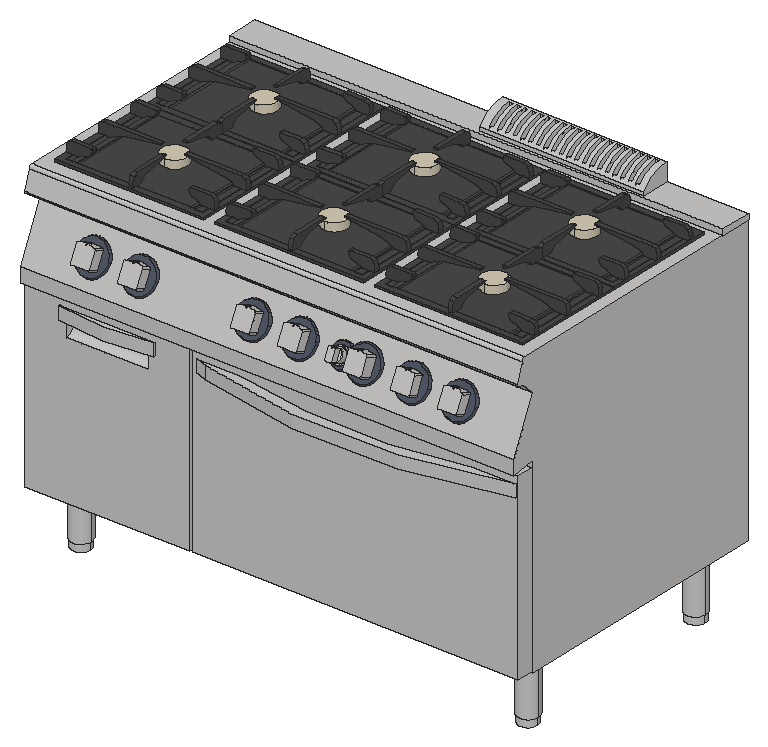
Revit family "QF_ZANUSSI_372151_Z7GCGL6C1A", category Specialty Equipment, Revit 2018
Family settings
  Round Connector Dimension = Use Diameter
  Part Type = Normal
  Work Plane-Based = No
  Always vertical = Yes
  Cut with Voids When Loaded = No
  Shared = No
  Room Calculation Point = No
Parameters (values of type "Standard")
  Weight = 120.00 kg
  Watts = 0 W
  Volts = 0 V
  URL Manufacturer = "http://www.zanussiprofessional.com"
  URL = "http://www.zanussiprofessional.com"
  Steam Supply Size = 0"
  Steam Supply Minimum Pressure = 0.00 psi
  Steam Supply Maximum Pressure = 0.00 psi
  Steam Pounds per Hour = 0
  Show Logo [instance] = yes
  Show Clearance [instance] = yes
  Refrigeration Suction Line Size = 0"
  Refrigeration Liquid Line Size = 0"
  Refrigerant Compressor Remote = yes
  Phase = 0
  Model = "Z7GCGL6C1A"
  Manufacturer = "Zanussi"
  Length Actual = 1200.00 mm  # constant formula
  Item Number = "372151"
  Hot Water Size = 0"
  Height Actual = 850.00 mm  # constant formula
  HP = "0 HP"
  Gas Size = 1/2"
  Gas KW = 39
  Gas Input Pressure = 1.3092 Btu/h
  Direct Waste Size = 0"
  Description = "6-BURN.GAS RANGE+GAS OVEN+CUPB.1200 (AGA)"
  Depth Actual = 700.00 mm  # constant formula
  Cycle = 0 Hz
  Condensate Return Size = 0"
  Compressed Air Volume = 0 GPM
  Compressed Air Size = 0"
  Compressed Air Pressure = 0.00 psi
  Cold Water Size = 0"
  Assembly Code = ""
  Accessory = yes
Reference planes
  plane 1 "BACK": y = 0
  plane 2: z = 0
  plane 3 "LEFT": x = 0
  plane 4 "RIGHT": x = 1200
  plane 5 "FRONT": y = -700
  plane 6 "TOP": z = 908
  plane 7 "Center Y": x = 600
  plane 8 "Center X": y = -350
  plane 9 "Base": z = 150
  plane 10: z = 850
  plane 11: y = -715
  plane 12: y = -1109
  plane 13 "panel": through (-6096, -654.982, 762.214) normal (0, -0.8956, 0.4448)
  plane 14: x = 177.499
Forms (mm)
  Revolve 1, solid, material "QF_Finishes_Stainless Steel"
    sketch origin (1, -90, 0) x (1, 0, 0) y (0, 0, 1)
      loop
        line (55, 0) -> (55, 150) -> (29.6, 150) -> (29.6, 19.05) -> (32.1, 19.05) -> (32.1, 0) -> (55, 0)
      axis (55, 0) -> (55, 150)
    angle from 0 to 360
  Revolve 2, solid, material "QF_Finishes_Stainless Steel"
    sketch origin (1, -599.588, 0) x (1, 0, 0) y (0, 0, 1)
      loop
        line (55, 0) -> (55, 150) -> (29.6, 150) -> (29.6, 19.05) -> (32.1, 19.05) -> (32.1, 0) -> (55, 0)
      axis (55, 0) -> (55, 150)
    angle from 0 to 360
  Revolve 3, solid, material "QF_Finishes_Stainless Steel"
    sketch origin (799, -90, 0) x (-1, 0, 0) y (0, 0, -1)
      loop
        line (-345, 0) -> (-367.9, 0) -> (-367.9, -19.05) -> (-370.4, -19.05) -> (-370.4, -150) -> (-345, -150) -> (-345, 0)
      axis (-345, 0) -> (-345, -150)
    angle from 0 to 360
  Revolve 4, solid, material "QF_Finishes_Stainless Steel"
    sketch origin (799, -599.588, 0) x (-1, 0, 0) y (0, 0, -1)
      loop
        line (-345, 0) -> (-367.9, 0) -> (-367.9, -19.05) -> (-370.4, -19.05) -> (-370.4, -150) -> (-345, -150) -> (-345, 0)
      axis (-345, 0) -> (-345, -150)
    angle from 0 to 360
  Extrusion 5, solid, material "QF_Finishes_Stainless Steel"
    sketch origin (0, 0, 576.213) x (0, 1, 0) y (0, 0, 1)
      loop
        line (0, 273.788) -> (-679.358, 273.788)
        arc (-679.358, 273.788) -> (-684.643, 271.598) -> (-686.833, 266.313) r 7.474
        line (-686.833, 266.313) -> (-699.884, 220.798)
        arc (-699.884, 220.798) -> (-699.396, 218.166) -> (-697, 216.971) r 3
        line (-697, 216.971) -> (-686.802, 216.971) -> (-654.982, 185.152) -> (-715, 64.296) -> (-715, 29.296) -> (-658.645, 37.216)
        arc (-658.645, 37.216) -> (-656.101, 36.462) -> (-655, 34.047) r 3.2
        line (-655, 34.047) -> (-655, -426.212) -> (0, -426.212) -> (0, 273.788)
      loop
        line (-700, 23.788) -> (-700, -421.212) -> (-660, -421.212) -> (-660, 23.788) -> (-700, 23.788)
    from 0 to 1200
  Extrusion 6, solid, material "QF_Finishes_Stainless Steel"
    sketch origin (0, 0, 576.213) x (0, 1, 0) y (0, 0, 1)
      loop
        line (0, 273.787) -> (0, 288.075) -> (-76.2, 288.075) -> (-76.2, 273.787) -> (0, 273.787)
    from 0 to 1200
  Extrusion 7, solid, material "QF_Finishes_Stainless Steel"
    sketch origin (0, 0, 150) x (-1, 0, 0) y (0, -1, 0)
      loop
        circle (-1147.613, 464) r 6.35
    from -8.815 to 7.722
  Extrusion 8, solid, material "QF_Finishes_Door Clearance", visible <- "Show Clearance", detail levels coarse
    sketch origin (0, 0, 0) x (0, 1, 0) y (0, 0, 1)
      loop
        arc (-700, 600) -> (-991.638, 457.589) -> (-1109, 155) r 445
        line (-1109, 155) -> (-700, 155) -> (-700, 600)
    from 0 to 400.5
  Extrusion 9, void
    sketch origin (-62.611, 0, 865.138) x (-1, 0, 0) y (0, -1, 0)
      loop
        line (-695.005, 6.761) -> (-685.709, 6.761) -> (-685.709, 63.911) -> (-695.005, 63.911) -> (-695.005, 6.761)
      loop
        line (-713.697, 6.761) -> (-704.401, 6.761) -> (-704.401, 63.911) -> (-713.697, 63.911) -> (-713.697, 6.761)
      loop
        line (-732.39, 6.761) -> (-723.094, 6.761) -> (-723.094, 63.911) -> (-732.39, 63.911) -> (-732.39, 6.761)
      loop
        line (-751.082, 6.761) -> (-741.787, 6.761) -> (-741.787, 63.911) -> (-751.082, 63.911) -> (-751.082, 6.761)
      loop
        line (-769.775, 6.761) -> (-760.479, 6.761) -> (-760.479, 63.911) -> (-769.775, 63.911) -> (-769.775, 6.761)
      loop
        line (-788.468, 6.761) -> (-779.172, 6.761) -> (-779.172, 63.911) -> (-788.468, 63.911) -> (-788.468, 6.761)
      loop
        line (-807.16, 6.761) -> (-797.864, 6.761) -> (-797.864, 63.911) -> (-807.16, 63.911) -> (-807.16, 6.761)
      loop
        line (-825.853, 6.761) -> (-816.557, 6.761) -> (-816.557, 63.911) -> (-825.853, 63.911) -> (-825.853, 6.761)
      loop
        line (-844.545, 6.761) -> (-835.25, 6.761) -> (-835.25, 63.911) -> (-844.545, 63.911) -> (-844.545, 6.761)
      loop
        line (-863.238, 6.761) -> (-853.942, 6.761) -> (-853.942, 63.911) -> (-863.238, 63.911) -> (-863.238, 6.761)
      loop
        line (-881.931, 6.761) -> (-872.635, 6.761) -> (-872.635, 63.911) -> (-881.931, 63.911) -> (-881.931, 6.761)
      loop
        line (-900.623, 6.761) -> (-891.328, 6.761) -> (-891.328, 63.911) -> (-900.623, 63.911) -> (-900.623, 6.761)
      loop
        line (-919.316, 6.761) -> (-910.02, 6.761) -> (-910.02, 63.911) -> (-919.316, 63.911) -> (-919.316, 6.761)
      loop
        line (-938.008, 6.761) -> (-928.713, 6.761) -> (-928.713, 63.911) -> (-938.008, 63.911) -> (-938.008, 6.761)
      loop
        line (-956.701, 6.761) -> (-947.405, 6.761) -> (-947.405, 63.911) -> (-956.701, 63.911) -> (-956.701, 6.761)
      loop
        line (-975.394, 6.761) -> (-966.098, 6.761) -> (-966.098, 63.911) -> (-975.394, 63.911) -> (-975.394, 6.761)
      loop
        line (-994.086, 6.761) -> (-984.791, 6.761) -> (-984.791, 63.911) -> (-994.086, 63.911) -> (-994.086, 6.761)
      loop
        line (-1012.779, 6.761) -> (-1003.483, 6.761) -> (-1003.483, 63.911) -> (-1012.779, 63.911) -> (-1012.779, 6.761)
      loop
        line (-1031.472, 6.761) -> (-1022.176, 6.761) -> (-1022.176, 63.911) -> (-1031.472, 63.911) -> (-1031.472, 6.761)
      loop
        line (-1050.164, 6.761) -> (-1040.868, 6.761) -> (-1040.868, 63.911) -> (-1050.164, 63.911) -> (-1050.164, 6.761)
    from 9.525 to 45.348
  Extrusion 10, solid, material "QF_Finishes_Stainless Steel"
    sketch origin (202.4, 0, 590.5) x (0, 1, 0) y (0, 0, 1)
      loop
        line (0, 273.788) -> (0, 317.5)
        arc (0, 317.5) -> (-39.072, 308.879) -> (-69.85, 283.312) r 84.854
        line (-69.85, 283.312) -> (-69.85, 273.788) -> (0, 273.788)
    from 400 to 800
  Blend 11, solid, material "QF_Finishes_Navy Blue"
    base sketch origin (542.5, -684.991, 701.786) x (1, 0, 0) y (0, 0.444781, 0.895639)
      loop
        circle (0, 0) r 42.5
    top sketch origin (542.5, -684.991, 701.786) x (1, 0, 0) y (0, 0.444781, 0.895639)
      loop
        circle (0, 0) r 40.5
    from 0 to 5
  Extrusion 12, solid, material "QF_Finishes_Stainless Steel"
    sketch origin (542.5, -684.991, 701.786) x (1, 0, 0) y (0, 0.444781, 0.895639)
      loop
        arc (-21.147, 22.789) -> (-22.494, 21.685) -> (-23, 20.019) r 2.997
        line (-23, 20.019) -> (-23, -20.019)
        arc (-23, -20.019) -> (-22.122, -22.138) -> (-20.003, -23.016) r 2.997
        line (-20.003, -23.016) -> (20.003, -23.016)
        arc (20.003, -23.016) -> (22.122, -22.138) -> (23, -20.019) r 2.997
        line (23, -20.019) -> (23, 20.019)
        arc (23, 20.019) -> (22.494, 21.685) -> (21.147, 22.789) r 2.997
        arc (21.147, 22.789) -> (0, 26.984) -> (-21.147, 22.789) r 55.4
    from 10 to 34
  Extrusion 13, solid, material "QF_Plastic-Black-Matte"
    sketch origin (600, -684.991, 701.786) x (0, 0.444781, 0.895639) y (0, -0.895639, 0.444781)
      loop
        line (26.984, 34) -> (26.984, 19) -> (27.984, 19) -> (27.984, 34)
        arc (27.984, 34) -> (27.691, 34.707) -> (26.984, 35) r 1
        line (26.984, 35) -> (23.984, 35) -> (23.984, 34) -> (26.984, 34)
    from -58.5 to -56.5
  Extrusion 14, solid, material "QF_Finishes_Stainless Steel"
    sketch origin (542.5, -684.991, 701.786) x (1, 0, 0) y (0, 0.444781, 0.895639)
      loop
        line (17.5, 17.5) -> (-17.5, 17.5) -> (-17.5, -17.5) -> (17.5, -17.5) -> (17.5, 17.5)
    from 5 to 10
  Extrusion 15, solid, material "QF_Plastic-Black-Matte"
    sketch origin (600, -684.991, 701.786) x (0, 0.444781, 0.895639) y (0, 0.895639, -0.444781)
      loop
        line (26.984, -34) -> (23.984, -34) -> (23.984, -35) -> (26.984, -35)
        arc (26.984, -35) -> (27.691, -34.707) -> (27.984, -34) r 1
        line (27.984, -34) -> (27.984, -19) -> (26.984, -19) -> (26.984, -34)
    from -58.5 to -56.5
  Extrusion 16, solid, material "QF_Finishes_Stainless Steel"
    sketch origin (657.5, -684.991, 701.786) x (-1, 0, 0) y (0, -0.444781, -0.895639)
      loop
        line (17.5, -17.5) -> (17.5, 17.5) -> (-17.5, 17.5) -> (-17.5, -17.5) -> (17.5, -17.5)
    from 5 to 10
  Blend 17, solid, material "QF_Finishes_Navy Blue"
    base sketch origin (657.5, -684.991, 701.786) x (1, 0, 0) y (0, 0.444781, 0.895639)
      loop
        circle (0, 0) r 42.5
    top sketch origin (657.5, -684.991, 701.786) x (1, 0, 0) y (0, 0.444781, 0.895639)
      loop
        circle (0, 0) r 40.5
    from 0 to 5
  Extrusion 18, solid, material "QF_Finishes_Stainless Steel"
    sketch origin (657.5, -684.991, 701.786) x (-1, 0, 0) y (0, -0.444781, -0.895639)
      loop
        arc (-21.147, -22.789) -> (0, -26.984) -> (21.147, -22.789) r 55.4
        arc (21.147, -22.789) -> (22.494, -21.685) -> (23, -20.019) r 2.997
        line (23, -20.019) -> (23, 20.019)
        arc (23, 20.019) -> (22.122, 22.138) -> (20.003, 23.016) r 2.997
        line (20.003, 23.016) -> (-20.003, 23.016)
        arc (-20.003, 23.016) -> (-22.122, 22.138) -> (-23, 20.019) r 2.997
        line (-23, 20.019) -> (-23, -20.019)
        arc (-23, -20.019) -> (-22.494, -21.685) -> (-21.147, -22.789) r 2.997
    from 10 to 34
  Blend 19, solid, material "QF_Finishes_Navy Blue"
    base sketch origin (814.75, -684.991, 701.786) x (1, 0, 0) y (0, 0.444781, 0.895639)
      loop
        arc (-35.05, -24.037) -> (42.5, 0) -> (-35.05, 24.037) r 42.5
        arc (-35.05, 24.037) -> (-83, 0) -> (-35.05, -24.037) r 30
    top sketch origin (814.75, -684.991, 701.786) x (1, 0, 0) y (0, 0.444781, 0.895639)
      loop
        arc (-34.578, -21.086) -> (40.5, 0) -> (-34.578, 21.086) r 40.5
        arc (-34.578, 21.086) -> (-81, 0) -> (-34.578, -21.086) r 28
    from 0 to 5
  Extrusion 20, solid, material "QF_Finishes_Stainless Steel"
    sketch origin (582.25, -684.991, 701.786) x (1, 0, 0) y (0, 0.444781, 0.895639)
      loop
        circle (177.499, -0.341) r 20
    from 5 to 10
  Extrusion 21, void
    sketch origin (814.75, -684.991, 701.786) x (1, 0, 0) y (0, -0.895639, 0.444781)
      loop
        line (-62.999, 24.837) -> (-62.999, 40) -> (-71.893, 40) -> (-71.893, 22) -> (-65.835, 22)
        arc (-65.835, 22) -> (-63.827, 22.828) -> (-62.999, 24.837) r 2.827
      loop
        arc (-47.003, 24.837) -> (-46.175, 22.828) -> (-44.167, 22) r 2.827
        line (-44.167, 22) -> (-38.109, 22) -> (-38.109, 40) -> (-47.003, 40) -> (-47.003, 24.837)
    from -20.019 to 20.019
  Extrusion 22, solid, material "QF_Finishes_Stainless Steel"
    sketch origin (582.25, -684.991, 701.786) x (1, 0, 0) y (0, 0.444781, 0.895639)
      loop
        arc (211.353, 22.789) -> (210.006, 21.685) -> (209.5, 20.019) r 2.997
        line (209.5, 20.019) -> (209.5, -20.019)
        arc (209.5, -20.019) -> (210.378, -22.138) -> (212.497, -23.016) r 2.997
        line (212.497, -23.016) -> (252.503, -23.016)
        arc (252.503, -23.016) -> (254.622, -22.138) -> (255.5, -20.019) r 2.997
        line (255.5, -20.019) -> (255.5, 20.019)
        arc (255.5, 20.019) -> (254.994, 21.685) -> (253.647, 22.789) r 2.997
        arc (253.647, 22.789) -> (232.5, 26.984) -> (211.353, 22.789) r 55.4
    from 5 to 34
  Blend 23, solid, material "QF_Finishes_Navy Blue"
    base sketch origin (931.5, -684.991, 701.786) x (1, 0, 0) y (0, 0.444781, 0.895639)
      loop
        circle (0, 0) r 42.5
    top sketch origin (931.5, -684.991, 701.786) x (1, 0, 0) y (0, 0.444781, 0.895639)
      loop
        circle (0, 0) r 40.5
    from 0 to 5
  Extrusion 24, solid, material "QF_Finishes_Stainless Steel"
    sketch origin (931.5, -684.991, 701.786) x (1, 0, 0) y (0, 0.444781, 0.895639)
      loop
        arc (-21.147, 22.789) -> (-22.494, 21.685) -> (-23, 20.019) r 2.997
        line (-23, 20.019) -> (-23, -20.019)
        arc (-23, -20.019) -> (-22.122, -22.138) -> (-20.003, -23.016) r 2.997
        line (-20.003, -23.016) -> (20.003, -23.016)
        arc (20.003, -23.016) -> (22.122, -22.138) -> (23, -20.019) r 2.997
        line (23, -20.019) -> (23, 20.019)
        arc (23, 20.019) -> (22.494, 21.685) -> (21.147, 22.789) r 2.997
        arc (21.147, 22.789) -> (0, 26.984) -> (-21.147, 22.789) r 55.4
    from 10 to 34
  Extrusion 25, solid, material "QF_Plastic-Black-Matte"
    sketch origin (989, -684.991, 701.786) x (0, 0.444781, 0.895639) y (0, -0.895639, 0.444781)
      loop
        line (26.984, 34) -> (26.984, 19) -> (27.984, 19) -> (27.984, 34)
        arc (27.984, 34) -> (27.691, 34.707) -> (26.984, 35) r 1
        line (26.984, 35) -> (23.984, 35) -> (23.984, 34) -> (26.984, 34)
    from -58.5 to -56.5
  Extrusion 26, solid, material "QF_Finishes_Stainless Steel"
    sketch origin (931.5, -684.991, 701.786) x (1, 0, 0) y (0, 0.444781, 0.895639)
      loop
        line (17.5, 17.5) -> (-17.5, 17.5) -> (-17.5, -17.5) -> (17.5, -17.5) -> (17.5, 17.5)
    from 5 to 10
  Extrusion 27, solid, material "QF_Plastic-Black-Matte"
    sketch origin (989, -684.991, 701.786) x (0, 0.444781, 0.895639) y (0, 0.895639, -0.444781)
      loop
        line (26.984, -34) -> (23.984, -34) -> (23.984, -35) -> (26.984, -35)
        arc (26.984, -35) -> (27.691, -34.707) -> (27.984, -34) r 1
        line (27.984, -34) -> (27.984, -19) -> (26.984, -19) -> (26.984, -34)
    from -58.5 to -56.5
  Extrusion 28, solid, material "QF_Finishes_Stainless Steel"
    sketch origin (1046.5, -684.991, 701.786) x (-1, 0, 0) y (0, -0.444781, -0.895639)
      loop
        line (17.5, -17.5) -> (17.5, 17.5) -> (-17.5, 17.5) -> (-17.5, -17.5) -> (17.5, -17.5)
    from 5 to 10
  Blend 29, solid, material "QF_Finishes_Navy Blue"
    base sketch origin (1046.5, -684.991, 701.786) x (1, 0, 0) y (0, 0.444781, 0.895639)
      loop
        circle (0, 0) r 42.5
    top sketch origin (1046.5, -684.991, 701.786) x (1, 0, 0) y (0, 0.444781, 0.895639)
      loop
        circle (0, 0) r 40.5
    from 0 to 5
  Extrusion 30, solid, material "QF_Finishes_Stainless Steel"
    sketch origin (1046.5, -684.991, 701.786) x (-1, 0, 0) y (0, -0.444781, -0.895639)
      loop
        arc (-21.147, -22.789) -> (0, -26.984) -> (21.147, -22.789) r 55.4
        arc (21.147, -22.789) -> (22.494, -21.685) -> (23, -20.019) r 2.997
        line (23, -20.019) -> (23, 20.019)
        arc (23, 20.019) -> (22.122, 22.138) -> (20.003, 23.016) r 2.997
        line (20.003, 23.016) -> (-20.003, 23.016)
        arc (-20.003, 23.016) -> (-22.122, 22.138) -> (-23, 20.019) r 2.997
        line (-23, 20.019) -> (-23, -20.019)
        arc (-23, -20.019) -> (-22.494, -21.685) -> (-21.147, -22.789) r 2.997
    from 10 to 34
  Blend 31, solid, material "QF_Finishes_Navy Blue"
    base sketch origin (153.5, -684.991, 701.786) x (1, 0, 0) y (0, 0.444781, 0.895639)
      loop
        circle (0, 0) r 42.5
    top sketch origin (153.5, -684.991, 701.786) x (1, 0, 0) y (0, 0.444781, 0.895639)
      loop
        circle (0, 0) r 40.5
    from 0 to 5
  Extrusion 32, solid, material "QF_Finishes_Stainless Steel"
    sketch origin (153.5, -684.991, 701.786) x (1, 0, 0) y (0, 0.444781, 0.895639)
      loop
        arc (-21.147, 22.789) -> (-22.494, 21.685) -> (-23, 20.019) r 2.997
        line (-23, 20.019) -> (-23, -20.019)
        arc (-23, -20.019) -> (-22.122, -22.138) -> (-20.003, -23.016) r 2.997
        line (-20.003, -23.016) -> (20.003, -23.016)
        arc (20.003, -23.016) -> (22.122, -22.138) -> (23, -20.019) r 2.997
        line (23, -20.019) -> (23, 20.019)
        arc (23, 20.019) -> (22.494, 21.685) -> (21.147, 22.789) r 2.997
        arc (21.147, 22.789) -> (0, 26.984) -> (-21.147, 22.789) r 55.4
    from 10 to 34
  Extrusion 33, solid, material "QF_Plastic-Black-Matte"
    sketch origin (211, -684.991, 701.786) x (0, 0.444781, 0.895639) y (0, -0.895639, 0.444781)
      loop
        line (26.984, 34) -> (26.984, 19) -> (27.984, 19) -> (27.984, 34)
        arc (27.984, 34) -> (27.691, 34.707) -> (26.984, 35) r 1
        line (26.984, 35) -> (23.984, 35) -> (23.984, 34) -> (26.984, 34)
    from -58.5 to -56.5
  Extrusion 34, solid, material "QF_Finishes_Stainless Steel"
    sketch origin (153.5, -684.991, 701.786) x (1, 0, 0) y (0, 0.444781, 0.895639)
      loop
        line (17.5, 17.5) -> (-17.5, 17.5) -> (-17.5, -17.5) -> (17.5, -17.5) -> (17.5, 17.5)
    from 5 to 10
  Extrusion 35, solid, material "QF_Plastic-Black-Matte"
    sketch origin (211, -684.991, 701.786) x (0, 0.444781, 0.895639) y (0, 0.895639, -0.444781)
      loop
        line (26.984, -34) -> (23.984, -34) -> (23.984, -35) -> (26.984, -35)
        arc (26.984, -35) -> (27.691, -34.707) -> (27.984, -34) r 1
        line (27.984, -34) -> (27.984, -19) -> (26.984, -19) -> (26.984, -34)
    from -58.5 to -56.5
  Extrusion 36, solid, material "QF_Finishes_Stainless Steel"
    sketch origin (268.5, -684.991, 701.786) x (-1, 0, 0) y (0, -0.444781, -0.895639)
      loop
        line (17.5, -17.5) -> (17.5, 17.5) -> (-17.5, 17.5) -> (-17.5, -17.5) -> (17.5, -17.5)
    from 5 to 10
  Blend 37, solid, material "QF_Finishes_Navy Blue"
    base sketch origin (268.5, -684.991, 701.786) x (1, 0, 0) y (0, 0.444781, 0.895639)
      loop
        circle (0, 0) r 42.5
    top sketch origin (268.5, -684.991, 701.786) x (1, 0, 0) y (0, 0.444781, 0.895639)
      loop
        circle (0, 0) r 40.5
    from 0 to 5
  Extrusion 38, solid, material "QF_Finishes_Stainless Steel"
    sketch origin (268.5, -684.991, 701.786) x (-1, 0, 0) y (0, -0.444781, -0.895639)
      loop
        arc (-21.147, -22.789) -> (0, -26.984) -> (21.147, -22.789) r 55.4
        arc (21.147, -22.789) -> (22.494, -21.685) -> (23, -20.019) r 2.997
        line (23, -20.019) -> (23, 20.019)
        arc (23, 20.019) -> (22.122, 22.138) -> (20.003, 23.016) r 2.997
        line (20.003, 23.016) -> (-20.003, 23.016)
        arc (-20.003, 23.016) -> (-22.122, 22.138) -> (-23, 20.019) r 2.997
        line (-23, 20.019) -> (-23, -20.019)
        arc (-23, -20.019) -> (-22.494, -21.685) -> (-21.147, -22.789) r 2.997
    from 10 to 34
  Extrusion 39, solid, material "QF_Finishes_Stainless Steel"
    sketch origin (0, -827.391, 415.041) x (0, 0.444781, 0.895639) y (-1, 0, 0)
      loop
        circle (319.816, -759.749) r 16
    from 10 to 40
  Extrusion 40, solid, material "QF_Finishes_Stainless Steel"
    sketch origin (-7.892, 0, 150) x (-1, 0, 0) y (0, -1, 0)
      loop
        line (-1202.142, 700) -> (-1108.537, 700)
        arc (-1108.537, 700) -> (-812.142, 735) -> (-515.747, 700) r 1272.5
        line (-515.747, 700) -> (-422.142, 700)
        arc (-422.142, 700) -> (-439.359, 705.295) -> (-456.648, 710.35) r 1297.5
        arc (-456.648, 710.35) -> (-830.154, 759.875) -> (-1202.142, 700) r 1297.5
    from 400 to 430
  Extrusion 41, solid, material "QF_Finishes_Stainless Steel"
    sketch origin (0, 0, 150) x (-1, 0, 0) y (0, -1, 0)
      loop
        arc (-85.253, 704) -> (-200.527, 715) -> (-315.8, 704) r 609.497
        line (-315.8, 704) -> (-315.8, 700) -> (-85.253, 700) -> (-85.253, 704)
    from 400 to 430
  Extrusion 42, solid, material "QF_Finishes_Door Clearance", visible <- "Show Clearance", detail levels coarse
    sketch origin (0, 0, 0) x (0, 1, 0) y (0, 0, 1)
      loop
        arc (-700, 600) -> (-991.592, 457.565) -> (-1108.926, 155) r 445
        line (-1108.926, 155) -> (-700, 155) -> (-700, 600)
    from 408.5 to 1200
  Extrusion 43, void
    sketch origin (0, 0, 0) x (0, 1, 0) y (0, 0, 1)
      loop
        line (-678.147, 565.85) -> (-700, 565.85) -> (-700, 515.05)
        arc (-700, 515.05) -> (-684.405, 523.118) -> (-678.147, 539.523) r 24.63
        line (-678.147, 539.523) -> (-678.147, 565.85)
    from 100.253 to 300.8
  Extrusion 44, void
    sketch origin (0, -700, 0) x (1, 0, 0) y (0, 0, 1)
      loop
        line (400.5, 600) -> (400.5, 155) -> (408.5, 155) -> (408.5, 600) -> (400.5, 600)
    from -40 to 0
  Extrusion 45, solid, material "QF_Plastic-Black-Matte"
    sketch origin (814.75, -684.991, 701.786) x (0, 0.444781, 0.895639) y (0, -0.895639, 0.444781)
      loop
        line (26.984, 34) -> (26.984, 19) -> (27.984, 19) -> (27.984, 34)
        arc (27.984, 34) -> (27.691, 34.707) -> (26.984, 35) r 1
        line (26.984, 35) -> (23.984, 35) -> (23.984, 34) -> (26.984, 34)
    from -1 to 1
  Extrusion 46, solid, material "QF_Plastic-Black-Matte"
    sketch origin (817.264, -695.402, 694.312) x (0, 0.444781, 0.895639) y (0, -0.895639, 0.444781)
      loop
        line (26.984, 34) -> (26.984, 19) -> (27.984, 19) -> (27.984, 34)
        arc (27.984, 34) -> (27.691, 34.707) -> (26.984, 35) r 1
        line (26.984, 35) -> (23.984, 35) -> (23.984, 34) -> (26.984, 34)
    from -58.5 to -56.5
Cuts and joins
  Extrusion 9 cuts Extrusion 6
  Extrusion 9 cuts Extrusion 10
  Extrusion 21 cuts Extrusion 39
  Extrusion 43, Extrusion 44 cuts Extrusion 5
  Extrusion 43, Extrusion 44 cuts Extrusion 8
  Extrusion 44 cuts Extrusion 42
Lines and regions (mm)
  Split face 1
    outline origin (542.5, -689.469, 704.01) x (1, 0, 0) y (0, 0.444781, 0.895639)
      loop
        circle (-33, 0) r 3
  Split face 2
    outline origin (663.401, -689.469, 704.01) x (1, 0, 0) y (0, 0.444781, 0.895639)
      loop
        line (-8.901, 38.561) -> (-8.901, 28.561) -> (-2.901, 28.561) -> (-2.901, 38.561) -> (-8.901, 38.561)
  Split face 3
    outline origin (663.401, -689.469, 704.01) x (1, 0, 0) y (0, 0.444781, 0.895639)
      loop
        line (-8.401, 38.061) -> (-8.401, 29.061) -> (-3.401, 29.061) -> (-3.401, 38.061) -> (-8.401, 38.061)
  Split face 4
    outline origin (663.401, -689.469, 704.01) x (1, 0, 0) y (0, 0.444781, 0.895639)
      loop
        line (-8.401, 33.561) -> (-3.401, 33.561)
  Split face 5
    outline origin (663.401, -689.469, 704.01) x (1, 0, 0) y (0, 0.444781, 0.895639)
      loop
        line (-8.401, 33.061) -> (-3.401, 33.061)
  Split face 6
    outline origin (548.401, -689.469, 704.01) x (1, 0, 0) y (0, 0.444781, 0.895639)
      loop
        line (-8.901, 38.561) -> (-8.901, 28.561) -> (-2.901, 28.561) -> (-2.901, 38.561) -> (-8.901, 38.561)
  Split face 7
    outline origin (548.401, -689.469, 704.01) x (1, 0, 0) y (0, 0.444781, 0.895639)
      loop
        line (-8.401, 38.061) -> (-8.401, 29.061) -> (-3.401, 29.061) -> (-3.401, 38.061) -> (-8.401, 38.061)
  Split face 8
    outline origin (548.401, -689.469, 704.01) x (1, 0, 0) y (0, 0.444781, 0.895639)
      loop
        line (-8.401, 34.061) -> (-3.401, 34.061)
  Split face 9
    outline origin (548.401, -689.469, 704.01) x (1, 0, 0) y (0, 0.444781, 0.895639)
      loop
        line (-8.401, 33.561) -> (-3.401, 33.561)
  Split face 10
    outline origin (568.157, -675.159, 732.825) x (-1, 0, 0) y (0, -0.444781, -0.895639)
      loop
        circle (43.456, 61.543) r 1.5
  Split face 11
    outline origin (548.401, -689.469, 704.01) x (1, 0, 0) y (0, 0.444781, 0.895639)
      loop
        circle (-5.901, 31.311) r 2.029
  Split face 12
    outline origin (663.401, -689.469, 704.01) x (1, 0, 0) y (0, 0.444781, 0.895639)
      loop
        circle (-5.901, 35.811) r 2.031
  Split face 13
    outline origin (542.5, -689.469, 704.01) x (1, 0, 0) y (0, 0.444781, 0.895639)
      loop
        circle (-24.487, 26.694) r 3.497
  Split face 14
    outline origin (657.5, -689.469, 704.01) x (1, 0, 0) y (0, 0.444781, 0.895639)
      loop
        circle (-24.487, 26.694) r 3.497
  Split face 15
    outline origin (657.5, -689.469, 704.01) x (1, 0, 0) y (0, 0.444781, 0.895639)
      loop
        circle (-33, 0) r 3
  Split face 16
    outline origin (657.5, -689.469, 704.01) x (1, 0, 0) y (0, 0.444781, 0.895639)
      loop
        circle (-17.8, -29.371) r 1.5
  Split face 17
    outline origin (814.75, -689.469, 704.01) x (1, 0, 0) y (0, 0.444781, 0.895639)
      loop
        circle (0, 33) r 1
  Split face 18
    outline origin (814.75, -689.469, 704.01) x (1, 0, 0) y (0, 0.444781, 0.895639)
      loop
        circle (-8.541, 31.876) r 1
  Split face 19
    outline origin (814.75, -689.469, 704.01) x (1, 0, 0) y (0, 0.444781, 0.895639)
      loop
        circle (-16.5, 28.579) r 1
  Split face 20
    outline origin (814.75, -689.469, 704.01) x (1, 0, 0) y (0, 0.444781, 0.895639)
      loop
        circle (-23.335, 23.335) r 1
  Split face 21
    outline origin (814.75, -689.469, 704.01) x (1, 0, 0) y (0, 0.444781, 0.895639)
      loop
        circle (-28.579, 16.5) r 1
  Split face 22
    outline origin (814.75, -689.469, 704.01) x (1, 0, 0) y (0, 0.444781, 0.895639)
      loop
        circle (-31.876, 8.541) r 1
  Split face 23
    outline origin (814.75, -689.469, 704.01) x (1, 0, 0) y (0, 0.444781, 0.895639)
      loop
        circle (-33, 0) r 1
  Split face 24
    outline origin (814.75, -689.469, 704.01) x (-1, 0, 0) y (0, 0.444781, 0.895639)
      loop
        circle (-8.541, 31.876) r 1
  Split face 25
    outline origin (814.75, -689.469, 704.01) x (-1, 0, 0) y (0, 0.444781, 0.895639)
      loop
        circle (-16.5, 28.579) r 1
  Split face 26
    outline origin (814.75, -689.469, 704.01) x (-1, 0, 0) y (0, 0.444781, 0.895639)
      loop
        circle (-23.335, 23.335) r 1
  Split face 27
    outline origin (814.75, -689.469, 704.01) x (-1, 0, 0) y (0, 0.444781, 0.895639)
      loop
        circle (-28.579, 16.5) r 1
  Split face 28
    outline origin (814.75, -689.469, 704.01) x (-1, 0, 0) y (0, 0.444781, 0.895639)
      loop
        circle (-31.876, 8.541) r 1
  Split face 29
    outline origin (814.75, -689.469, 704.01) x (1, 0, 0) y (0, -0.444781, -0.895639)
      loop
        circle (0, 33) r 1
  Split face 30
    outline origin (814.75, -689.469, 704.01) x (1, 0, 0) y (0, -0.444781, -0.895639)
      loop
        circle (-8.541, 31.876) r 1
  Split face 31
    outline origin (814.75, -689.469, 704.01) x (1, 0, 0) y (0, -0.444781, -0.895639)
      loop
        circle (-16.5, 28.579) r 1
  Split face 32
    outline origin (814.75, -689.469, 704.01) x (1, 0, 0) y (0, -0.444781, -0.895639)
      loop
        circle (-23.335, 23.335) r 1
  Split face 33
    outline origin (814.75, -689.469, 704.01) x (1, 0, 0) y (0, -0.444781, -0.895639)
      loop
        circle (-28.579, 16.5) r 1
  Split face 34
    outline origin (814.75, -689.469, 704.01) x (1, 0, 0) y (0, -0.444781, -0.895639)
      loop
        circle (-31.876, 8.541) r 1
  Split face 35
    outline origin (814.75, -689.469, 704.01) x (-1, 0, 0) y (0, -0.444781, -0.895639)
      loop
        circle (-8.541, 31.876) r 1
  Split face 36
    outline origin (814.75, -689.469, 704.01) x (-1, 0, 0) y (0, -0.444781, -0.895639)
      loop
        circle (-16.5, 28.579) r 1
  Split face 37
    outline origin (814.75, -689.469, 704.01) x (-1, 0, 0) y (0, -0.444781, -0.895639)
      loop
        circle (-23.335, 23.335) r 1
  Split face 38
    outline origin (814.75, -689.469, 704.01) x (-1, 0, 0) y (0, -0.444781, -0.895639)
      loop
        circle (-28.579, 16.5) r 1
  Split face 39
    outline origin (814.75, -689.469, 704.01) x (-1, 0, 0) y (0, -0.444781, -0.895639)
      loop
        circle (-31.876, 8.541) r 1
  Split face 40
    outline origin (814.75, -689.469, 704.01) x (1, 0, 0) y (0, 0.444781, 0.895639)
      loop
        circle (33, 0) r 1
  Split face 41
    outline origin (814.75, -689.469, 704.01) x (1, 0, 0) y (0, 0.444781, 0.895639)
      loop
        circle (-55.001, 22) r 1.508
  Split face 42
    outline origin (814.75, -689.469, 704.01) x (1, 0, 0) y (0, 0.444781, 0.895639)
      loop
        circle (-77.001, 0) r 1.343
  Split face 43
    outline origin (814.75, -689.469, 704.01) x (1, 0, 0) y (0, 0.444781, 0.895639)
      loop
        line (-56.273, -20.786) -> (-56.273, -25.164) -> (-53.729, -25.164) -> (-53.729, -20.786) -> (-56.273, -20.786)
  Split face 44
    outline origin (931.5, -689.469, 704.01) x (1, 0, 0) y (0, 0.444781, 0.895639)
      loop
        circle (-33, 0) r 3
  Split face 45
    outline origin (1052.401, -689.469, 704.01) x (1, 0, 0) y (0, 0.444781, 0.895639)
      loop
        line (-8.901, 38.561) -> (-8.901, 28.561) -> (-2.901, 28.561) -> (-2.901, 38.561) -> (-8.901, 38.561)
  Split face 46
    outline origin (1052.401, -689.469, 704.01) x (1, 0, 0) y (0, 0.444781, 0.895639)
      loop
        line (-8.401, 38.061) -> (-8.401, 29.061) -> (-3.401, 29.061) -> (-3.401, 38.061) -> (-8.401, 38.061)
  Split face 47
    outline origin (1052.401, -689.469, 704.01) x (1, 0, 0) y (0, 0.444781, 0.895639)
      loop
        line (-8.401, 33.561) -> (-3.401, 33.561)
  Split face 48
    outline origin (1052.401, -689.469, 704.01) x (1, 0, 0) y (0, 0.444781, 0.895639)
      loop
        line (-8.401, 33.061) -> (-3.401, 33.061)
  Split face 49
    outline origin (937.401, -689.469, 704.01) x (1, 0, 0) y (0, 0.444781, 0.895639)
      loop
        line (-8.901, 38.561) -> (-8.901, 28.561) -> (-2.901, 28.561) -> (-2.901, 38.561) -> (-8.901, 38.561)
  Split face 50
    outline origin (937.401, -689.469, 704.01) x (1, 0, 0) y (0, 0.444781, 0.895639)
      loop
        line (-8.401, 38.061) -> (-8.401, 29.061) -> (-3.401, 29.061) -> (-3.401, 38.061) -> (-8.401, 38.061)
  Split face 51
    outline origin (937.401, -689.469, 704.01) x (1, 0, 0) y (0, 0.444781, 0.895639)
      loop
        line (-8.401, 34.061) -> (-3.401, 34.061)
  Split face 52
    outline origin (937.401, -689.469, 704.01) x (1, 0, 0) y (0, 0.444781, 0.895639)
      loop
        line (-8.401, 33.561) -> (-3.401, 33.561)
  Split face 53
    outline origin (957.157, -675.159, 732.825) x (-1, 0, 0) y (0, -0.444781, -0.895639)
      loop
        circle (43.456, 61.543) r 1.5
  Split face 54
    outline origin (937.401, -689.469, 704.01) x (1, 0, 0) y (0, 0.444781, 0.895639)
      loop
        circle (-5.901, 31.311) r 2.029
  Split face 55
    outline origin (1052.401, -689.469, 704.01) x (1, 0, 0) y (0, 0.444781, 0.895639)
      loop
        circle (-5.901, 35.811) r 2.031
  Split face 56
    outline origin (931.5, -689.469, 704.01) x (1, 0, 0) y (0, 0.444781, 0.895639)
      loop
        circle (-24.487, 26.694) r 3.497
  Split face 57
    outline origin (1046.5, -689.469, 704.01) x (1, 0, 0) y (0, 0.444781, 0.895639)
      loop
        circle (-24.487, 26.694) r 3.497
  Split face 58
    outline origin (1046.5, -689.469, 704.01) x (1, 0, 0) y (0, 0.444781, 0.895639)
      loop
        circle (-33, 0) r 3
  Split face 59
    outline origin (1046.5, -689.469, 704.01) x (1, 0, 0) y (0, 0.444781, 0.895639)
      loop
        circle (-17.8, -29.371) r 1.5
  Split face 60
    outline origin (153.5, -689.469, 704.01) x (1, 0, 0) y (0, 0.444781, 0.895639)
      loop
        circle (-33, 0) r 3
  Split face 61
    outline origin (274.401, -689.469, 704.01) x (1, 0, 0) y (0, 0.444781, 0.895639)
      loop
        line (-8.901, 38.561) -> (-8.901, 28.561) -> (-2.901, 28.561) -> (-2.901, 38.561) -> (-8.901, 38.561)
  Split face 62
    outline origin (274.401, -689.469, 704.01) x (1, 0, 0) y (0, 0.444781, 0.895639)
      loop
        line (-8.401, 38.061) -> (-8.401, 29.061) -> (-3.401, 29.061) -> (-3.401, 38.061) -> (-8.401, 38.061)
  Split face 63
    outline origin (274.401, -689.469, 704.01) x (1, 0, 0) y (0, 0.444781, 0.895639)
      loop
        line (-8.401, 33.561) -> (-3.401, 33.561)
  Split face 64
    outline origin (274.401, -689.469, 704.01) x (1, 0, 0) y (0, 0.444781, 0.895639)
      loop
        line (-8.401, 33.061) -> (-3.401, 33.061)
  Split face 65
    outline origin (159.401, -689.469, 704.01) x (1, 0, 0) y (0, 0.444781, 0.895639)
      loop
        line (-8.901, 38.561) -> (-8.901, 28.561) -> (-2.901, 28.561) -> (-2.901, 38.561) -> (-8.901, 38.561)
  Split face 66
    outline origin (159.401, -689.469, 704.01) x (1, 0, 0) y (0, 0.444781, 0.895639)
      loop
        line (-8.401, 38.061) -> (-8.401, 29.061) -> (-3.401, 29.061) -> (-3.401, 38.061) -> (-8.401, 38.061)
  Split face 67
    outline origin (159.401, -689.469, 704.01) x (1, 0, 0) y (0, 0.444781, 0.895639)
      loop
        line (-8.401, 34.061) -> (-3.401, 34.061)
  Split face 68
    outline origin (159.401, -689.469, 704.01) x (1, 0, 0) y (0, 0.444781, 0.895639)
      loop
        line (-8.401, 33.561) -> (-3.401, 33.561)
  Split face 69
    outline origin (179.157, -675.159, 732.825) x (-1, 0, 0) y (0, -0.444781, -0.895639)
      loop
        circle (43.456, 61.543) r 1.5
  Split face 70
    outline origin (159.401, -689.469, 704.01) x (1, 0, 0) y (0, 0.444781, 0.895639)
      loop
        circle (-5.901, 31.311) r 2.029
  Split face 71
    outline origin (274.401, -689.469, 704.01) x (1, 0, 0) y (0, 0.444781, 0.895639)
      loop
        circle (-5.901, 35.811) r 2.031
  Split face 72
    outline origin (153.5, -689.469, 704.01) x (1, 0, 0) y (0, 0.444781, 0.895639)
      loop
        circle (-24.487, 26.694) r 3.497
  Split face 73
    outline origin (268.5, -689.469, 704.01) x (1, 0, 0) y (0, 0.444781, 0.895639)
      loop
        circle (-24.487, 26.694) r 3.497
  Split face 74
    outline origin (268.5, -689.469, 704.01) x (1, 0, 0) y (0, 0.444781, 0.895639)
      loop
        circle (-33, 0) r 3
  Split face 75
    outline origin (268.5, -689.469, 704.01) x (1, 0, 0) y (0, 0.444781, 0.895639)
      loop
        circle (-17.8, -29.371) r 1.5
  symbolic lines, style "QF-Door Swings"
    curve 1: line (0, -715, 150) -> (0, -1109, 150)
    curve 2: line (0, -1109, 150) -> (1200, -1109, 150)
    curve 3: line (1200, -1109, 150) -> (1200, -715, 150)
    curve 244: line (400.5, -715, 150) -> (400.5, -1109, 150)
    curve 245: line (408.5, -715, 150) -> (408.5, -1109, 150)
  symbolic lines
    curve 4: line (0, 0, 150) -> (0, -715, 150)
    curve 5: line (0, -69.85, 150) -> (1200, -69.85, 150)
    curve 6: line (0, -76.2, 150) -> (1200, -76.2, 150)
    curve 7: line (1200, -715, 150) -> (1200, 0, 150)
    curve 8: line (0, 0, 150) -> (1200, 0, 150)
    curve 12: line (632.394, -6.761, 150) -> (632.394, -63.911, 150)
    curve 13: line (632.394, -63.911, 150) -> (623.098, -63.911, 150)
    curve 14: line (623.098, -63.911, 150) -> (623.098, -6.761, 150)
    curve 15: line (623.098, -6.761, 150) -> (632.394, -6.761, 150)
    curve 16: line (838.012, -6.761, 150) -> (838.012, -63.911, 150)
    curve 17: line (838.012, -63.911, 150) -> (828.717, -63.911, 150)
    curve 18: line (828.717, -63.911, 150) -> (828.717, -6.761, 150)
    curve 19: line (828.717, -6.761, 150) -> (838.012, -6.761, 150)
    curve 20: line (819.32, -6.761, 150) -> (819.32, -63.911, 150)
    curve 21: line (819.32, -63.911, 150) -> (810.024, -63.911, 150)
    curve 22: line (810.024, -63.911, 150) -> (810.024, -6.761, 150)
    curve 23: line (810.024, -6.761, 150) -> (819.32, -6.761, 150)
    curve 24: line (800.627, -6.761, 150) -> (800.627, -63.911, 150)
    curve 25: line (800.627, -63.911, 150) -> (791.331, -63.911, 150)
    curve 26: line (791.331, -63.911, 150) -> (791.331, -6.761, 150)
    curve 27: line (791.331, -6.761, 150) -> (800.627, -6.761, 150)
    curve 28: line (781.934, -6.761, 150) -> (781.934, -63.911, 150)
    curve 29: line (781.934, -63.911, 150) -> (772.639, -63.911, 150)
    curve 30: line (772.639, -63.911, 150) -> (772.639, -6.761, 150)
    curve 31: line (772.639, -6.761, 150) -> (781.934, -6.761, 150)
    curve 32: line (763.242, -6.761, 150) -> (763.242, -63.911, 150)
    curve 33: line (763.242, -63.911, 150) -> (753.946, -63.911, 150)
    curve 34: line (753.946, -63.911, 150) -> (753.946, -6.761, 150)
    curve 35: line (753.946, -6.761, 150) -> (763.242, -6.761, 150)
    curve 36: line (744.549, -6.761, 150) -> (744.549, -63.911, 150)
    curve 37: line (744.549, -63.911, 150) -> (735.253, -63.911, 150)
    curve 38: line (735.253, -63.911, 150) -> (735.253, -6.761, 150)
    curve 39: line (735.253, -6.761, 150) -> (744.549, -6.761, 150)
    curve 40: line (725.857, -6.761, 150) -> (725.857, -63.911, 150)
    curve 41: line (725.857, -63.911, 150) -> (716.561, -63.911, 150)
    curve 42: line (716.561, -63.911, 150) -> (716.561, -6.761, 150)
    curve 43: line (716.561, -6.761, 150) -> (725.857, -6.761, 150)
    curve 44: line (707.164, -6.761, 150) -> (707.164, -63.911, 150)
    curve 45: line (707.164, -63.911, 150) -> (697.868, -63.911, 150)
    curve 46: line (697.868, -63.911, 150) -> (697.868, -6.761, 150)
    curve 47: line (697.868, -6.761, 150) -> (707.164, -6.761, 150)
    curve 48: line (688.471, -6.761, 150) -> (688.471, -63.911, 150)
    curve 49: line (688.471, -63.911, 150) -> (679.176, -63.911, 150)
    curve 50: line (679.176, -63.911, 150) -> (679.176, -6.761, 150)
    curve 51: line (679.176, -6.761, 150) -> (688.471, -6.761, 150)
    curve 52: line (669.779, -6.761, 150) -> (669.779, -63.911, 150)
    curve 53: line (669.779, -63.911, 150) -> (660.483, -63.911, 150)
    curve 54: line (660.483, -63.911, 150) -> (660.483, -6.761, 150)
    curve 55: line (660.483, -6.761, 150) -> (669.779, -6.761, 150)
    curve 56: line (651.086, -6.761, 150) -> (651.086, -63.911, 150)
    curve 57: line (651.086, -63.911, 150) -> (641.79, -63.911, 150)
    curve 58: line (641.79, -63.911, 150) -> (641.79, -6.761, 150)
    curve 59: line (641.79, -6.761, 150) -> (651.086, -6.761, 150)
    curve 60: line (987.553, -6.761, 150) -> (987.553, -63.911, 150)
    curve 61: line (987.553, -63.911, 150) -> (978.257, -63.911, 150)
    curve 62: line (978.257, -63.911, 150) -> (978.257, -6.761, 150)
    curve 63: line (978.257, -6.761, 150) -> (987.553, -6.761, 150)
    curve 64: line (968.861, -6.761, 150) -> (968.861, -63.911, 150)
    curve 65: line (968.861, -63.911, 150) -> (959.565, -63.911, 150)
    curve 66: line (959.565, -63.911, 150) -> (959.565, -6.761, 150)
    curve 67: line (959.565, -6.761, 150) -> (968.861, -6.761, 150)
    curve 68: line (950.168, -6.761, 150) -> (950.168, -63.911, 150)
    curve 69: line (950.168, -63.911, 150) -> (940.872, -63.911, 150)
    curve 70: line (940.872, -63.911, 150) -> (940.872, -6.761, 150)
    curve 71: line (940.872, -6.761, 150) -> (950.168, -6.761, 150)
    curve 72: line (931.475, -6.761, 150) -> (931.475, -63.911, 150)
    curve 73: line (931.475, -63.911, 150) -> (922.18, -63.911, 150)
    curve 74: line (922.18, -63.911, 150) -> (922.18, -6.761, 150)
    curve 75: line (922.18, -6.761, 150) -> (931.475, -6.761, 150)
    curve 76: line (912.783, -6.761, 150) -> (912.783, -63.911, 150)
    curve 77: line (912.783, -63.911, 150) -> (903.487, -63.911, 150)
    curve 78: line (903.487, -63.911, 150) -> (903.487, -6.761, 150)
    curve 79: line (903.487, -6.761, 150) -> (912.783, -6.761, 150)
    curve 80: line (894.09, -6.761, 150) -> (894.09, -63.911, 150)
    curve 81: line (894.09, -63.911, 150) -> (884.794, -63.911, 150)
    curve 82: line (884.794, -63.911, 150) -> (884.794, -6.761, 150)
    curve 83: line (884.794, -6.761, 150) -> (894.09, -6.761, 150)
    curve 84: line (875.397, -6.761, 150) -> (875.397, -63.911, 150)
    curve 85: line (875.397, -63.911, 150) -> (866.102, -63.911, 150)
    curve 86: line (866.102, -63.911, 150) -> (866.102, -6.761, 150)
    curve 87: line (866.102, -6.761, 150) -> (875.397, -6.761, 150)
    curve 88: line (856.705, -6.761, 150) -> (856.705, -63.911, 150)
    curve 89: line (856.705, -63.911, 150) -> (847.409, -63.911, 150)
    curve 90: line (847.409, -63.911, 150) -> (847.409, -6.761, 150)
    curve 91: line (847.409, -6.761, 150) -> (856.705, -6.761, 150)
    curve 92: line (1002.4, -69.85, 150) -> (1002.4, 0, 150)
    curve 93: line (602.4, -69.85, 150) -> (602.4, 0, 150)
    curve 94: line (245.371, -700, 0) -> (245.371, -724.347, 0)
    curve 95: arc (245.371, -724.347, 0) -> (245.517, -724.811, 0) -> (245.903, -725.107, 0) r 0.809
    curve 96: arc (245.903, -725.107, 0) -> (247.091, -725.587, 0) -> (248.369, -725.68, 0) r 4.127
    curve 97: arc (245.371, -704.292, 0) -> (240.33, -702.458, 0) -> (235.562, -700, 0) r 42.24
    curve 98: arc (245.371, -706.539, 0) -> (245.873, -705.818, 0) -> (246.671, -705.448, 0) r 1.682
    curve 99: arc (246.671, -705.448, 0) -> (256.973, -703.95, 0) -> (267.371, -703.441, 0) r 109.079
    curve 100: line (267.371, -700, 0) -> (267.371, -705.671, 0)
    curve 101: line (267.371, -705.671, 0) -> (269.371, -705.671, 0)
    curve 102: line (269.371, -705.671, 0) -> (269.371, -700, 0)
    curve 103: line (291.371, -700, 0) -> (291.371, -724.347, 0)
    curve 104: arc (291.371, -724.347, 0) -> (291.225, -724.811, 0) -> (290.839, -725.107, 0) r 0.809
    curve 105: arc (290.839, -725.107, 0) -> (289.651, -725.587, 0) -> (288.374, -725.68, 0) r 4.127
    curve 106: arc (291.371, -704.292, 0) -> (296.412, -702.458, 0) -> (301.18, -700, 0) r 42.24
    curve 107: arc (291.371, -706.539, 0) -> (290.869, -705.818, 0) -> (290.072, -705.448, 0) r 1.682
    curve 108: arc (290.072, -705.448, 0) -> (279.769, -703.95, 0) -> (269.371, -703.441, 0) r 109.079
    curve 109: line (248.369, -725.68, 0) -> (288.374, -725.68, 0)
    curve 126: line (130.5, -700, 0) -> (130.5, -724.347, 0)
    curve 127: arc (130.5, -724.347, 0) -> (130.646, -724.811, 0) -> (131.032, -725.107, 0) r 0.809
    curve 128: arc (131.032, -725.107, 0) -> (132.22, -725.587, 0) -> (133.497, -725.68, 0) r 4.127
    curve 129: arc (130.5, -704.292, 0) -> (125.459, -702.458, 0) -> (120.691, -700, 0) r 42.24
    curve 130: arc (130.5, -706.539, 0) -> (131.002, -705.818, 0) -> (131.799, -705.448, 0) r 1.682
    curve 131: arc (131.799, -705.448, 0) -> (142.102, -703.95, 0) -> (152.5, -703.441, 0) r 109.079
    curve 132: line (152.5, -700, 0) -> (152.5, -705.671, 0)
    curve 133: line (152.5, -705.671, 0) -> (154.5, -705.671, 0)
    curve 134: line (154.5, -705.671, 0) -> (154.5, -700, 0)
    curve 135: line (176.5, -700, 0) -> (176.5, -724.347, 0)
    curve 136: arc (176.5, -724.347, 0) -> (176.354, -724.811, 0) -> (175.968, -725.107, 0) r 0.809
    curve 137: arc (175.968, -725.107, 0) -> (174.78, -725.587, 0) -> (173.503, -725.68, 0) r 4.127
    curve 138: arc (176.5, -704.292, 0) -> (181.541, -702.458, 0) -> (186.309, -700, 0) r 42.24
    curve 139: arc (176.5, -706.539, 0) -> (175.998, -705.818, 0) -> (175.201, -705.448, 0) r 1.682
    curve 140: arc (175.201, -705.448, 0) -> (164.898, -703.95, 0) -> (154.5, -703.441, 0) r 109.079
    curve 141: line (133.497, -725.68, 0) -> (173.503, -725.68, 0)
    curve 142: line (519.5, -700, 0) -> (519.5, -724.347, 0)
    curve 143: arc (519.5, -724.347, 0) -> (519.646, -724.811, 0) -> (520.032, -725.107, 0) r 0.809
    curve 144: arc (520.032, -725.107, 0) -> (521.22, -725.587, 0) -> (522.497, -725.68, 0) r 4.127
    curve 145: arc (519.5, -704.292, 0) -> (514.459, -702.458, 0) -> (509.691, -700, 0) r 42.24
    curve 146: arc (519.5, -706.539, 0) -> (520.002, -705.818, 0) -> (520.799, -705.448, 0) r 1.682
    curve 147: arc (520.799, -705.448, 0) -> (531.102, -703.95, 0) -> (541.5, -703.441, 0) r 109.079
    curve 148: line (541.5, -700, 0) -> (541.5, -705.671, 0)
    curve 149: line (541.5, -705.671, 0) -> (543.5, -705.671, 0)
    curve 150: line (543.5, -705.671, 0) -> (543.5, -700, 0)
    curve 151: line (565.5, -700, 0) -> (565.5, -724.347, 0)
    curve 152: arc (565.5, -724.347, 0) -> (565.354, -724.811, 0) -> (564.968, -725.107, 0) r 0.809
    curve 153: arc (564.968, -725.107, 0) -> (563.78, -725.587, 0) -> (562.503, -725.68, 0) r 4.127
    curve 154: arc (565.5, -704.292, 0) -> (570.541, -702.458, 0) -> (575.309, -700, 0) r 42.24
    curve 155: arc (565.5, -706.539, 0) -> (564.998, -705.818, 0) -> (564.201, -705.448, 0) r 1.682
    curve 156: arc (564.201, -705.448, 0) -> (553.898, -703.95, 0) -> (543.5, -703.441, 0) r 109.079
    curve 157: line (522.497, -725.68, 0) -> (562.503, -725.68, 0)
    curve 158: line (634.5, -700, 0) -> (634.5, -724.347, 0)
    curve 159: arc (634.5, -724.347, 0) -> (634.646, -724.811, 0) -> (635.032, -725.107, 0) r 0.809
    curve 160: arc (635.032, -725.107, 0) -> (636.22, -725.587, 0) -> (637.497, -725.68, 0) r 4.127
    curve 161: arc (634.5, -704.292, 0) -> (629.459, -702.458, 0) -> (624.691, -700, 0) r 42.24
    curve 162: arc (634.5, -706.539, 0) -> (635.002, -705.818, 0) -> (635.799, -705.448, 0) r 1.682
    curve 163: arc (635.799, -705.448, 0) -> (646.102, -703.95, 0) -> (656.5, -703.441, 0) r 109.079
    curve 164: line (656.5, -700, 0) -> (656.5, -705.671, 0)
    curve 165: line (656.5, -705.671, 0) -> (658.5, -705.671, 0)
    curve 166: line (658.5, -705.671, 0) -> (658.5, -700, 0)
    curve 167: line (680.5, -700, 0) -> (680.5, -724.347, 0)
    curve 168: arc (680.5, -724.347, 0) -> (680.354, -724.811, 0) -> (679.968, -725.107, 0) r 0.809
    curve 169: arc (679.968, -725.107, 0) -> (678.78, -725.587, 0) -> (677.503, -725.68, 0) r 4.127
    curve 170: arc (680.5, -704.292, 0) -> (685.541, -702.458, 0) -> (690.309, -700, 0) r 42.24
    curve 171: arc (680.5, -706.539, 0) -> (679.998, -705.818, 0) -> (679.201, -705.448, 0) r 1.682
    curve 172: arc (679.201, -705.448, 0) -> (668.898, -703.95, 0) -> (658.5, -703.441, 0) r 109.079
    curve 173: line (637.497, -725.68, 0) -> (677.503, -725.68, 0)
    curve 174: line (908.5, -700, 0) -> (908.5, -724.347, 0)
    curve 175: arc (908.5, -724.347, 0) -> (908.646, -724.811, 0) -> (909.032, -725.107, 0) r 0.809
    curve 176: arc (909.032, -725.107, 0) -> (910.22, -725.587, 0) -> (911.497, -725.68, 0) r 4.127
    curve 177: arc (908.5, -704.292, 0) -> (903.459, -702.458, 0) -> (898.691, -700, 0) r 42.24
    curve 178: arc (908.5, -706.539, 0) -> (909.002, -705.818, 0) -> (909.799, -705.448, 0) r 1.682
    curve 179: arc (909.799, -705.448, 0) -> (920.102, -703.95, 0) -> (930.5, -703.441, 0) r 109.079
    curve 180: line (930.5, -700, 0) -> (930.5, -705.671, 0)
    curve 181: line (930.5, -705.671, 0) -> (932.5, -705.671, 0)
    curve 182: line (932.5, -705.671, 0) -> (932.5, -700, 0)
    curve 183: line (954.5, -700, 0) -> (954.5, -724.347, 0)
    curve 184: arc (954.5, -724.347, 0) -> (954.354, -724.811, 0) -> (953.968, -725.107, 0) r 0.809
    curve 185: arc (953.968, -725.107, 0) -> (952.78, -725.587, 0) -> (951.503, -725.68, 0) r 4.127
    curve 186: arc (954.5, -704.292, 0) -> (959.541, -702.458, 0) -> (964.309, -700, 0) r 42.24
    curve 187: arc (954.5, -706.539, 0) -> (953.998, -705.818, 0) -> (953.201, -705.448, 0) r 1.682
    curve 188: arc (953.201, -705.448, 0) -> (942.898, -703.95, 0) -> (932.5, -703.441, 0) r 109.079
    curve 189: line (911.497, -725.68, 0) -> (951.503, -725.68, 0)
    curve 190: line (1023.5, -700, 0) -> (1023.5, -724.347, 0)
    curve 191: arc (1023.5, -724.347, 0) -> (1023.646, -724.811, 0) -> (1024.032, -725.107, 0) r 0.809
    curve 192: arc (1024.032, -725.107, 0) -> (1025.22, -725.587, 0) -> (1026.497, -725.68, 0) r 4.127
    curve 193: arc (1023.5, -704.292, 0) -> (1018.459, -702.458, 0) -> (1013.691, -700, 0) r 42.24
    curve 194: arc (1023.5, -706.539, 0) -> (1024.002, -705.818, 0) -> (1024.799, -705.448, 0) r 1.682
    curve 195: arc (1024.799, -705.448, 0) -> (1035.102, -703.95, 0) -> (1045.5, -703.441, 0) r 109.079
    curve 196: line (1045.5, -700, 0) -> (1045.5, -705.671, 0)
    curve 197: line (1045.5, -705.671, 0) -> (1047.5, -705.671, 0)
    curve 198: line (1047.5, -705.671, 0) -> (1047.5, -700, 0)
    curve 199: line (1069.5, -700, 0) -> (1069.5, -724.347, 0)
    curve 200: arc (1069.5, -724.347, 0) -> (1069.354, -724.811, 0) -> (1068.968, -725.107, 0) r 0.809
    curve 201: arc (1068.968, -725.107, 0) -> (1067.78, -725.587, 0) -> (1066.503, -725.68, 0) r 4.127
    curve 202: arc (1069.5, -704.292, 0) -> (1074.541, -702.458, 0) -> (1079.309, -700, 0) r 42.24
    curve 203: arc (1069.5, -706.539, 0) -> (1068.998, -705.818, 0) -> (1068.201, -705.448, 0) r 1.682
    curve 204: arc (1068.201, -705.448, 0) -> (1057.898, -703.95, 0) -> (1047.5, -703.441, 0) r 109.079
    curve 205: line (1026.497, -725.68, 0) -> (1066.503, -725.68, 0)
    curve 206: line (837.75, -700, 0) -> (837.75, -724.347, 0)
    curve 207: arc (837.75, -724.347, 0) -> (837.604, -724.811, 0) -> (837.218, -725.107, 0) r 0.809
    curve 208: arc (837.218, -725.107, 0) -> (836.03, -725.587, 0) -> (834.753, -725.68, 0) r 4.127
    curve 209: arc (837.75, -704.292, 0) -> (842.791, -702.458, 0) -> (847.559, -700, 0) r 42.24
    curve 210: arc (837.75, -706.539, 0) -> (837.248, -705.818, 0) -> (836.451, -705.448, 0) r 1.682
    curve 211: arc (836.451, -705.448, 0) -> (826.148, -703.95, 0) -> (815.75, -703.441, 0) r 109.079
    curve 212: line (815.75, -700, 0) -> (815.75, -705.671, 0)
    curve 213: line (815.75, -705.671, 0) -> (813.75, -705.671, 0)
    curve 214: line (813.75, -705.671, 0) -> (813.75, -700, 0)
    curve 215: line (791.75, -700, 0) -> (791.75, -724.347, 0)
    curve 216: arc (791.75, -724.347, 0) -> (791.896, -724.811, 0) -> (792.282, -725.107, 0) r 0.809
    curve 217: arc (792.282, -725.107, 0) -> (793.47, -725.587, 0) -> (794.747, -725.68, 0) r 4.127
    curve 218: arc (791.75, -704.292, 0) -> (786.709, -702.458, 0) -> (781.941, -700, 0) r 42.24
    curve 219: arc (791.75, -706.539, 0) -> (792.252, -705.818, 0) -> (793.049, -705.448, 0) r 1.682
    curve 220: arc (793.049, -705.448, 0) -> (803.352, -703.95, 0) -> (813.75, -703.441, 0) r 109.079
    curve 221: line (834.753, -725.68, 0) -> (794.747, -725.68, 0)
    curve 222: line (767.747, -715, 0) -> (791.75, -715, 0)
    curve 223: line (751.751, -726.999, 908.9) -> (751.751, -701.224, 908.9)
    curve 224: line (767.747, -701.224, 908.9) -> (767.747, -726.999, 908.9)
    curve 225: spline (749.115, -710.164, 908.9) -> (747.626, -709.491, 908.9) -> (746.351, -708.737, 908.9) -> (745.311, -707.914, 908.9) -> (744.525, -707.037, 908.9) -> (744.008, -706.121, 908.9) -> (743.767, -705.183, 908.9) -> (743.807, -704.239, 908.9) -> (744.128, -703.306, 908.9) -> (744.724, -702.4, 908.9) -> (745.584, -701.537, 908.9) -> (746.694, -700.732, 908.9) -> (748.033, -700, 908.9)
    curve 226: spline (771.464, -700, 908.9) -> (772.807, -700.735, 908.9) -> (773.92, -701.543, 908.9) -> (774.782, -702.41, 908.9) -> (775.377, -703.319, 908.9) -> (775.696, -704.256, 908.9) -> (775.732, -705.204, 908.9) -> (775.484, -706.145, 908.9) -> (774.959, -707.063, 908.9) -> (774.163, -707.942, 908.9) -> (773.113, -708.766, 908.9) -> (771.825, -709.521, 908.9) -> (770.324, -710.193, 908.9)
    curve 227: spline (770.324, -710.193, 908.9) -> (770.044, -710.322, 908.9) -> (769.763, -710.487, 908.9) -> (769.485, -710.686, 908.9) -> (769.215, -710.917, 908.9) -> (768.956, -711.177, 908.9) -> (768.713, -711.461, 908.9) -> (768.488, -711.765, 908.9) -> (768.285, -712.085, 908.9) -> (768.107, -712.416, 908.9) -> (767.957, -712.754, 908.9) -> (767.836, -713.094, 908.9) -> (767.747, -713.43, 908.9)
    curve 228: spline (751.751, -713.341, 908.9) -> (751.679, -712.987, 908.9) -> (751.571, -712.634, 908.9) -> (751.43, -712.286, 908.9) -> (751.257, -711.949, 908.9) -> (751.056, -711.628, 908.9) -> (750.827, -711.327, 908.9) -> (750.577, -711.051, 908.9) -> (750.306, -710.803, 908.9) -> (750.021, -710.588, 908.9) -> (749.724, -710.408, 908.9) -> (749.421, -710.266, 908.9) -> (749.115, -710.164, 908.9)
    curve 229: line (743.749, -704.847, 908.9) -> (743.749, -700, 908.9)
    curve 230: line (775.751, -704.85, 908.9) -> (775.751, -700, 908.9)
    curve 231: arc (751.751, -726.999, 908.9) -> (759.749, -728.085, 908.9) -> (767.747, -726.999, 908.9) r 30
    curve 232: arc (465.502, -715, 0) -> (804.25, -760, 0) -> (1142.998, -715, 0) r 1297.5
    curve 233: arc (1023.5, -715.969, 0) -> (837.368, -734.569, 0) -> (650.52, -725.68, 0) r 1272.5
    curve 235: line (0, -715, 0) -> (130.5, -715, 0)
    curve 236: line (176.5, -715, 0) -> (245.5, -715, 0)
    curve 237: line (291.371, -715, 0) -> (519.5, -715, 0)
    curve 238: line (565.5, -715, 0) -> (634.5, -715, 0)
    curve 239: line (680.5, -715, 0) -> (751.751, -715, 0)
    curve 240: line (837.75, -715, 0) -> (908.5, -715, 0)
    curve 241: line (954.5, -715, 0) -> (1023.5, -715, 0)
    curve 242: line (1069.5, -715, 0) -> (1200, -715, 0)
    curve 243: arc (634.5, -723.627, 0) -> (609.907, -720.053, 0) -> (585.574, -715, 0) r 411.457
  symbolic lines, style "QF-Clearances", visible <- "Show Clearance", detail levels coarse
    curve 9: line (-150, -715, 150) -> (-150, 150, 150)
    curve 10: line (-150, 150, 150) -> (1350, 150, 150)
    curve 11: line (1350, 150, 150) -> (1350, -715, 150)
  symbolic lines, not visible
    curve 110: line (225.433, -800.018, 0) -> (225.433, -824.365, 0)
    curve 111: arc (225.433, -824.365, 0) -> (225.579, -824.829, 0) -> (225.965, -825.125, 0) r 0.809
    curve 112: arc (225.965, -825.125, 0) -> (227.153, -825.605, 0) -> (228.43, -825.698, 0) r 4.127
    curve 113: arc (225.433, -804.311, 0) -> (220.392, -802.477, 0) -> (215.624, -800.018, 0) r 42.24
    curve 114: arc (225.433, -806.557, 0) -> (225.935, -805.836, 0) -> (226.732, -805.467, 0) r 1.682
    curve 115: arc (226.732, -805.467, 0) -> (237.035, -803.968, 0) -> (247.433, -803.459, 0) r 109.079
    curve 116: line (247.433, -800.018, 0) -> (247.433, -805.689, 0)
    curve 117: line (247.433, -805.689, 0) -> (249.433, -805.689, 0)
    curve 118: line (249.433, -805.689, 0) -> (249.433, -800.018, 0)
    curve 119: line (271.433, -800.018, 0) -> (271.433, -824.365, 0)
    curve 120: arc (271.433, -824.365, 0) -> (271.287, -824.829, 0) -> (270.901, -825.125, 0) r 0.809
    curve 121: arc (270.901, -825.125, 0) -> (269.713, -825.605, 0) -> (268.436, -825.698, 0) r 4.127
    curve 122: arc (271.433, -804.311, 0) -> (276.474, -802.477, 0) -> (281.242, -800.018, 0) r 42.24
    curve 123: arc (271.433, -806.557, 0) -> (270.931, -805.836, 0) -> (270.133, -805.467, 0) r 1.682
    curve 124: arc (270.133, -805.467, 0) -> (259.831, -803.968, 0) -> (249.433, -803.459, 0) r 109.079
    curve 125: line (228.43, -825.698, 0) -> (268.436, -825.698, 0)
  symbolic lines, style "SpecialityEquipment"
    curve 234: line (0, -700, 0) -> (1200, -700, 0)
Dimensions and locks
  equal spacing: plane 3 "LEFT", plane 7 "Center Y", plane 4 "RIGHT"
